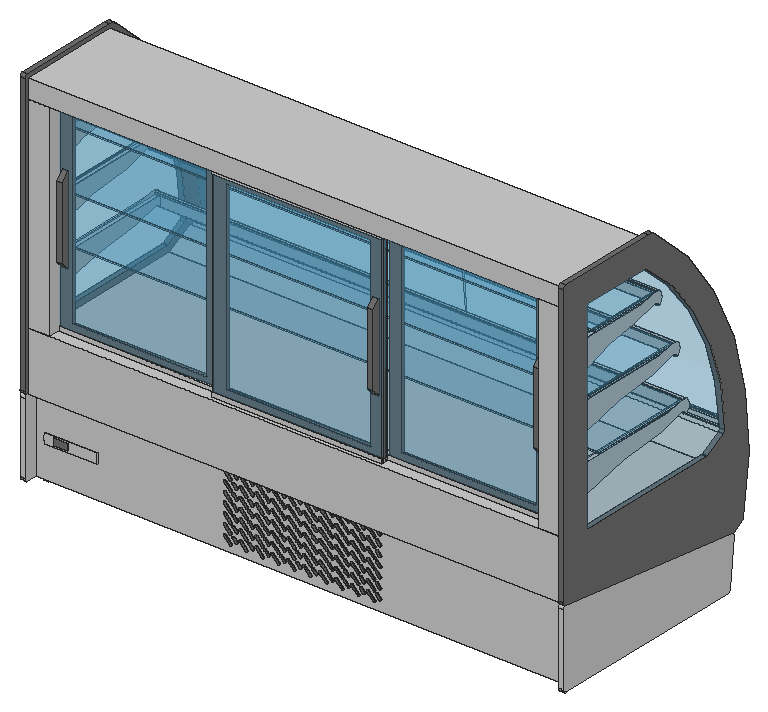
Revit family "QF_INFRICO_VBR18R_250814030451", category Specialty Equipment, Revit 2021
Family settings
  Round Connector Dimension = Use Diameter
  Part Type = Normal
  OmniClass Number = 23.40.40.14
  OmniClass Title = Food Service Equipment
  Work Plane-Based = No
  Always vertical = Yes
  Cut with Voids When Loaded = No
  Shared = No
  Room Calculation Point = No
Parameters (values of type "VBR18R")
  Weight [instance] = 0.00 kg
  Warranty Start Date [instance] = ""
  Warranty Duration [instance] = ""
  Volts [instance] = 230 V
  Volt Free Conn [instance] = no
  URL Recommended Spares List [instance] = ""
  URL Manufacturer [instance] = ""
  URL Cutsheet [instance] = ""
  URL Critical Spares List [instance] = ""
  URL = "www.infrico.com"
  Technical Documentation [instance] = ""
  Tag Number [instance] = ""
  Status [instance] = ""
  Start Up Current [instance] = 0 A
  Specification by User [instance] = ""
  Specification by Manufacturer [instance] = ""
  Sound Level [instance] = ""
  Show Logo [instance] = yes
  Show Clearances [instance] = yes
  Service Life Duration [instance] = ""
  Serial Number [instance] = ""
  Seismic Rating [instance] = ""
  SMACNA No [instance] = ""
  Revision Code [instance] = ""
  Revision [instance] = ""
  Production Year [instance] = ""
  Potential Equalisation [instance] = no
  Point Load [instance] = 0
  Phase [instance] = 1
  Other Equipment Approvals [instance] = ""
  Operational Current [instance] = 0 A
  Number of Poles [instance] = 2
  No Load Power Draw [instance] = no
  NAFEM Spec ID Number [instance] = ""
  Model Warning [instance] = ""
  Model = "VBR18R"
  Min Ckt Ampacity [instance] = 0 A
  Max Overcurrent Protection [instance] = 0 A
  Masterspec [instance] = ""
  Manufacturer = "INFRICO"
  Main switch integrated [instance] = no
  Length Actual [instance] = 1875.028 mm
  Item Number [instance] = ""
  Installed By [instance] = ""
  Installation Date [instance] = ""
  Identify Quantity as Lot [instance] = no
  ID [instance] = ""
  Hygiene Approval [instance] = ""
  Height Actual [instance] = 1299.972 mm
  HP power [instance] = ""
  Furnished By [instance] = ""
  Foodservice Equipment Identifier [instance] = no
  FL Amps [instance] = 0 A
  Electrical Remarks [instance] = ""
  Electric power [instance] = 1340 W
  Electric Connection Type [instance] = ""
  Elec Conn RI Height [instance] = 0 mm
  Elec Conn Connection Height [instance] = 0 mm
  ETL Approved [instance] = no
  Description = "AMBAR SERIES - PASTRY DISPLAY CASE - R452"
  Depth Actual [instance] = 810.006 mm
  Default Elevation = 0 mm
  Cycle [instance] = 50 Hz
  Cost = 0
  Connection to energy optimisation system [instance] = yes
  Conn Plug [instance] = ""
  Conn Conduit [instance] = no
  Centralized building control system with digital interface [instance] = ""
  CSI MasterFormat [instance] = ""
  CE Approved [instance] = no
  Barcode [instance] = 0
  Author [instance] = ""
  Asset Identifier [instance] = ""
  Apparent Power [instance] = 1340 VA
  Accessory [instance] = no
Reference planes
  plane 1 "Center (Front/Back)": y = 0
  plane 2: z = 0
  plane 3 "Center (Left/Right)": x = 0
Forms (mm)
  Extrusion 1, solid, not visible
    sketch origin (0, 0, 2) x (1, 0, 0) y (0, 1, 0)
      loop
        line (-2, 2) -> (-2, -2) -> (2, -2) -> (2, 2) -> (-2, 2)
    from -2 to 2
Dimensions and locks
  locked: nested 2 to Extrusion 1 at 2  (x2)
  aligned and locked: level to plane 2
Nested families
  nested 1: "QF_INFRICO_VBR18R_2920" at (0, 0, 0), type "VBR18R"
    with Weight 0.00 kg, Warranty Start Date "", Warranty Duration "", URL Cutsheet "", Technical Documentation "", Tag Number "", Status "", Specification by User "", Specification by Manufacturer "", Sound Level "", Solid Fuel Type "", Show Logo yes, Show Clearances yes, Show Clearance yes, Service Life Duration "", Serial Number "", Seismic Rating "", SMACNA No "", Revision Code "", Revision "", Production Year "", Point Load 0, Other Equipment Approvals "", NAFEM Spec ID Number "", Model Warning "", Masterspec "", Length Actual 1875.028 mm, Item Number "", Installed By "", Installation Date "", Identify Quantity as Lot yes, ID "", Hygiene Approval "", Height Actual 1299.972 mm, Furnished By "", Foodservice Equipment Identifier yes, Finish none, ETL Approved yes, Depth Actual 810.006 mm, CSI MasterFormat "", CE Approved no, Barcode "", Author "", Asset Identifier "", Accessory no
  nested 2: "CONN_POINT_ELE_2D___Generic_Annotation" at (0, 0, 0), type "CONN_POINT_ELE_2D___Generic_Annotation"
    with Onboard connection annotation symbol visibility yes
Connectors
  electrical at (0, 0, 0), driven by "Apparent Power", driven by "Number of Poles", driven by "Volts"
    settings: on Extrusion 1, index 1, voltage 230 V, apparent load 0 VA, apparent load phase1 1340 VA, apparent load phase2 0 VA, apparent load phase3 0 VA, power factor 1, load classification "Other", number of poles 2, system type 31, power factor state 1, is connector primary yes, connector utility no, sub classification motor no, connector description "Electrical connection for VBR18R"
Definition of nested family "QF_INFRICO_VBR18R_2920"
  Parameters (values of type "VBR18R")
    Weight [instance] = 0.00 kg
    Warranty Start Date [instance] = ""
    Warranty Duration [instance] = ""
    URL Cutsheet [instance] = ""
    URL = "www.infrico.com"
    Technical Documentation [instance] = ""
    Tag Number [instance] = ""
    Status [instance] = ""
    Specification by User [instance] = ""
    Specification by Manufacturer [instance] = ""
    Sound Level [instance] = ""
    Solid Fuel Type [instance] = ""
    Show Logo [instance] = yes
    Show Clearances [instance] = yes
    Show Clearance [instance] = yes
    Service Life Duration [instance] = ""
    Serial Number [instance] = ""
    Seismic Rating [instance] = ""
    SMACNA No [instance] = ""
    Revision Code [instance] = ""
    Revision [instance] = ""
    Production Year [instance] = ""
    Point Load [instance] = 0
    Other Equipment Approvals [instance] = ""
    NAFEM Spec ID Number [instance] = ""
    Model Warning [instance] = ""
    Model = "VBR18R"
    Masterspec [instance] = ""
    Manufacturer = "INFRICO"
    Length Actual [instance] = 0 mm
    Item Number [instance] = ""
    Installed By [instance] = ""
    Installation Date [instance] = ""
    Identify Quantity as Lot [instance] = yes
    ID [instance] = ""
    Hygiene Approval [instance] = ""
    Height Actual [instance] = 0 mm
    Furnished By [instance] = ""
    Foodservice Equipment Identifier [instance] = yes
    Finish [instance] = none
    ETL Approved [instance] = yes
    Description = "AMBAR SERIES - PASTRY DISPLAY CASE - R452"
    Depth Actual [instance] = 0 mm
    Default Elevation = 0 mm
    CSI MasterFormat [instance] = ""
    CE Approved [instance] = yes
    Barcode [instance] = ""
    Author [instance] = ""
    Asset Identifier [instance] = ""
    Assembly Code = "E1090320"
    Accessory [instance] = yes
  Reference planes
    plane 1 "Back": y = 0
    plane 2: z = 0
    plane 3 "Left": x = 0
    plane 4 "Right": x = 1875
    plane 5 "Front": y = -810
    plane 6 "Top": z = 1300
  Forms (mm)
    Extrusion 1, solid
      sketch origin (-18, -810.003, 0) x (0, -1, 0) y (0, 0, -1)
        loop
          line (-100, -1190) -> (-100, -498)
          arc (-100, -498) -> (-102.929, -490.929) -> (-110, -488) r 10
          line (-110, -488) -> (-627, -488)
          arc (-627, -488) -> (-629.55, -488.252) -> (-632, -489) r 13
          line (-632, -489) -> (-702, -529)
          arc (-702, -529) -> (-705.756, -532.802) -> (-707, -538) r 9.937
          arc (-707, -538) -> (-606.573, -907.925) -> (-356, -1198) r 864.001
          arc (-356, -1198) -> (-353.158, -1199.473) -> (-350, -1200) r 10.273
          line (-350, -1200) -> (-110, -1200)
          arc (-110, -1200) -> (-102.929, -1197.071) -> (-100, -1190) r 10
      from 0 to 18
    Extrusion 2, solid
      sketch origin (-18, -810.003, 0) x (0, -1, 0) y (0, 0, -1)
        loop
          arc (-110, -1200) -> (-102.929, -1197.071) -> (-100, -1190) r 10
          line (-100, -1190) -> (-100, -498)
          arc (-100, -498) -> (-102.929, -490.929) -> (-110, -488) r 10
          line (-110, -488) -> (-627, -488)
          arc (-627, -488) -> (-629.55, -488.252) -> (-632, -489) r 13
          line (-632, -489) -> (-702, -529)
          arc (-702, -529) -> (-705.756, -532.802) -> (-707, -538) r 9.937
          arc (-707, -538) -> (-606.573, -907.925) -> (-356, -1198) r 864.001
          arc (-356, -1198) -> (-353.158, -1199.473) -> (-350, -1200) r 10.273
          line (-350, -1200) -> (-110, -1200)
        loop
          arc (-739, -197) -> (-742.074, -197.055) -> (-745, -198) r 10.476
          line (-745, -198) -> (-782, -219)
          arc (-782, -219) -> (-785.127, -222.608) -> (-787, -227) r 15.422
          arc (-787, -227) -> (-745, -815.202) -> (-398, -1292) r 1070.947
          arc (-398, -1292) -> (-385.08, -1297.958) -> (-371, -1300) r 49.563
          line (-371, -1300) -> (-10, -1300)
          arc (-10, -1300) -> (-2.929, -1297.071) -> (0, -1290) r 10
          line (0, -1290) -> (0, -302)
          arc (0, -302) -> (-2.651, -295.335) -> (-9, -292) r 10.337
          line (-9, -292) -> (-739, -197)
      from 0 to 18
    Extrusion 3, solid
      sketch origin (1875, -810.003, 0) x (0, -1, 0) y (0, 0, -1)
        loop
          line (-100, -1190) -> (-100, -498)
          arc (-100, -498) -> (-102.929, -490.929) -> (-110, -488) r 10
          line (-110, -488) -> (-627, -488)
          arc (-627, -488) -> (-629.55, -488.252) -> (-632, -489) r 13
          line (-632, -489) -> (-702, -529)
          arc (-702, -529) -> (-705.756, -532.802) -> (-707, -538) r 9.937
          arc (-707, -538) -> (-606.573, -907.925) -> (-356, -1198) r 864.001
          arc (-356, -1198) -> (-353.158, -1199.473) -> (-350, -1200) r 10.273
          line (-350, -1200) -> (-110, -1200)
          arc (-110, -1200) -> (-102.929, -1197.071) -> (-100, -1190) r 10
      from 0 to 18
    Extrusion 4, solid
      sketch origin (1875, -810.003, 0) x (0, -1, 0) y (0, 0, -1)
        loop
          arc (-110, -1200) -> (-102.929, -1197.071) -> (-100, -1190) r 10
          line (-100, -1190) -> (-100, -498)
          arc (-100, -498) -> (-102.929, -490.929) -> (-110, -488) r 10
          line (-110, -488) -> (-627, -488)
          arc (-627, -488) -> (-629.55, -488.252) -> (-632, -489) r 13
          line (-632, -489) -> (-702, -529)
          arc (-702, -529) -> (-705.756, -532.802) -> (-707, -538) r 9.937
          arc (-707, -538) -> (-606.573, -907.925) -> (-356, -1198) r 864.001
          arc (-356, -1198) -> (-353.158, -1199.473) -> (-350, -1200) r 10.273
          line (-350, -1200) -> (-110, -1200)
        loop
          arc (-739, -197) -> (-742.074, -197.055) -> (-745, -198) r 10.476
          line (-745, -198) -> (-782, -219)
          arc (-782, -219) -> (-785.127, -222.608) -> (-787, -227) r 15.422
          arc (-787, -227) -> (-745, -815.202) -> (-398, -1292) r 1070.947
          arc (-398, -1292) -> (-385.08, -1297.958) -> (-371, -1300) r 49.563
          line (-371, -1300) -> (-10, -1300)
          arc (-10, -1300) -> (-2.929, -1297.071) -> (0, -1290) r 10
          line (0, -1290) -> (0, -302)
          arc (0, -302) -> (-2.651, -295.335) -> (-9, -292) r 10.337
          line (-9, -292) -> (-739, -197)
      from 0 to 18
    Extrusion 5, solid, material <- "Finish"
      sketch origin (0, -810.003, -1) x (0, -1, 0) y (0, 0, -1)
        loop
          line (-739, -198) -> (-9, -293)
          arc (-9, -293) -> (-2.391, -289.898) -> (0, -283) r 9.392
          line (0, -283) -> (0, -29)
          arc (0, -29) -> (-2.929, -21.929) -> (-10, -19) r 10
          line (-10, -19) -> (-718, -19)
          arc (-718, -19) -> (-725.332, -22.2) -> (-727.972, -29.752) r 10
          line (-727.972, -29.752) -> (-746, -188)
          arc (-746, -188) -> (-744.394, -194.326) -> (-739, -198) r 9.212
      from -18 to 0
    Extrusion 6, solid, material <- "Finish"
      sketch origin (1893, -810.003, -1) x (0, -1, 0) y (0, 0, -1)
        loop
          line (-739, -198) -> (-9, -293)
          arc (-9, -293) -> (-2.391, -289.898) -> (0, -283) r 9.392
          line (0, -283) -> (0, -29)
          arc (0, -29) -> (-2.929, -21.929) -> (-10, -19) r 10
          line (-10, -19) -> (-718, -19)
          arc (-718, -19) -> (-725.332, -22.2) -> (-727.972, -29.752) r 10
          line (-727.972, -29.752) -> (-746, -188)
          arc (-746, -188) -> (-744.394, -194.326) -> (-739, -198) r 9.212
      from -18 to 0
    Extrusion 7, solid
      sketch origin (0, -750.003, 9) x (1, 0, 0) y (0, 1, 0)
        loop
          line (0, -0.02) -> (40, -0.02) -> (40, 39.98) -> (0, 39.98) -> (0, -0.02)
      from 0 to 9
    Extrusion 8, solid
      sketch origin (0, -170.003, 9) x (1, 0, 0) y (0, 1, 0)
        loop
          line (0, -0.02) -> (40, -0.02) -> (40, 39.98) -> (0, 39.98) -> (0, -0.02)
      from 0 to 9
    Extrusion 9, solid
      sketch origin (-898.549, 112.977, 0) x (-1, 0, 0) y (0, -1, 0)
        loop
          line (-903.549, 843) -> (-911.049, 855.99) -> (-926.049, 855.99) -> (-933.549, 843) -> (-926.049, 830.01) -> (-911.049, 830.01) -> (-903.549, 843)
      from 0 to 9
    Extrusion 10, solid
      sketch origin (-898.549, 692.977, 0) x (-1, 0, 0) y (0, -1, 0)
        loop
          line (-903.549, 843) -> (-911.049, 855.99) -> (-926.049, 855.99) -> (-933.549, 843) -> (-926.049, 830.01) -> (-911.049, 830.01) -> (-903.549, 843)
      from 0 to 9
    Extrusion 11, solid
      sketch origin (1835, -750.003, 9) x (1, 0, 0) y (0, 1, 0)
        loop
          line (0, -0.02) -> (40, -0.02) -> (40, 39.98) -> (0, 39.98) -> (0, -0.02)
      from 0 to 9
    Extrusion 12, solid
      sketch origin (1835, -170.003, 9) x (1, 0, 0) y (0, 1, 0)
        loop
          line (0, -0.02) -> (40, -0.02) -> (40, 39.98) -> (0, 39.98) -> (0, -0.02)
      from 0 to 9
    Extrusion 13, solid
      sketch origin (936.451, 112.977, 0) x (-1, 0, 0) y (0, -1, 0)
        loop
          line (-903.549, 843) -> (-911.049, 855.99) -> (-926.049, 855.99) -> (-933.549, 843) -> (-926.049, 830.01) -> (-911.049, 830.01) -> (-903.549, 843)
      from 0 to 9
    Extrusion 14, solid
      sketch origin (936.451, 692.977, 0) x (-1, 0, 0) y (0, -1, 0)
        loop
          line (-903.549, 843) -> (-911.049, 855.99) -> (-926.049, 855.99) -> (-933.549, 843) -> (-926.049, 830.01) -> (-911.049, 830.01) -> (-903.549, 843)
      from 0 to 9
    Extrusion 15, solid
      sketch origin (0, -810.003, 0) x (0, -1, 0) y (0, 0, -1)
        loop
          line (-59.98, -18) -> (-679.98, -18) -> (-679.98, -293) -> (-59.98, -293) -> (-59.98, -18)
      from 0 to 40
    Extrusion 16, solid
      sketch origin (1835, -810.003, 0) x (0, -1, 0) y (0, 0, -1)
        loop
          line (-59.98, -18) -> (-679.98, -18) -> (-679.98, -293) -> (-59.98, -293) -> (-59.98, -18)
      from 0 to 40
    Extrusion 17, solid
      sketch origin (0, -810.003, 0) x (0, -1, 0) y (0, 0, -1)
        loop
          line (-59.98, -18) -> (-59.98, -293) -> (-44.98, -293) -> (-44.98, -18) -> (-59.98, -18)
      from 0 to 1875
    Extrusion 18, solid
      sketch origin (0, -810.003, 0) x (0, -1, 0) y (0, 0, -1)
        loop
          line (-679.98, -278) -> (-679.98, -38) -> (-719.98, -38) -> (-719.98, -278) -> (-679.98, -278)
      from 0 to 40
    Extrusion 19, solid
      sketch origin (1835, -810.003, 0) x (0, -1, 0) y (0, 0, -1)
        loop
          line (-679.98, -278) -> (-679.98, -38) -> (-719.98, -38) -> (-719.98, -278) -> (-679.98, -278)
      from 0 to 40
    Extrusion 20, solid
      sketch origin (0, -810.003, 0) x (0, -1, 0) y (0, 0, -1)
        loop
          line (-9.98, -293) -> (-759.98, -293) -> (-759.98, -471) -> (-747.98, -471) -> (-747.98, -448) -> (-70.98, -448) -> (-70.98, -502) -> (-9.98, -502) -> (-9.98, -293)
      from 0 to 1875
    Extrusion 21, solid
      sketch origin (0, -810.003, 0) x (0, -1, 0) y (0, 0, -1)
        loop
          line (-747.98, -471) -> (-741.98, -471) -> (-741.98, -515) -> (-719.98, -515) -> (-628.98, -468) -> (-628.98, -448) -> (-630.98, -448) -> (-630.98, -466.782) -> (-720.466, -513) -> (-739.98, -513) -> (-739.98, -469) -> (-747.98, -469) -> (-747.98, -471)
      from 0 to 1875
    Extrusion 22, solid
      sketch origin (0, -810.003, 0) x (0, -1, 0) y (0, 0, -1)
        loop
          line (-626.98, -448) -> (-626.98, -469) -> (-121.98, -469) -> (-121.98, -448) -> (-626.98, -448)
      from 0 to 1875
    Extrusion 23, solid
      sketch origin (0, -810.003, 0) x (0, -1, 0) y (0, 0, -1)
        loop
          line (-110.98, -448) -> (-110.98, -1222) -> (-70.98, -1222) -> (-70.98, -448) -> (-110.98, -448)
      from 0 to 50
    Extrusion 24, solid
      sketch origin (1825, -810.003, 0) x (0, -1, 0) y (0, 0, -1)
        loop
          line (-110.98, -448) -> (-110.98, -1222) -> (-70.98, -1222) -> (-70.98, -448) -> (-110.98, -448)
      from 0 to 50
    Extrusion 25, solid
      sketch origin (0, -810.003, 0) x (0, -1, 0) y (0, 0, -1)
        loop
          line (-9.98, -502) -> (-70.98, -502) -> (-70.98, -1222) -> (-9.98, -1222) -> (-9.98, -502)
      from 0 to 78
    Extrusion 26, solid
      sketch origin (1797, -810.003, 0) x (0, -1, 0) y (0, 0, -1)
        loop
          line (-9.98, -502) -> (-70.98, -502) -> (-70.98, -1222) -> (-9.98, -1222) -> (-9.98, -502)
      from 0 to 78
    Extrusion 27, solid
      sketch origin (0, -810.003, 0) x (0, -1, 0) y (0, 0, -1)
        loop
          line (-9.98, -1288) -> (-9.98, -1222) -> (-288.98, -1222) -> (-288.98, -1276) -> (-353.98, -1276) -> (-353.98, -1260.029) -> (-372.98, -1241.029) -> (-372.98, -1229) -> (-354.98, -1229) -> (-354.98, -1217) -> (-384.98, -1217) -> (-384.98, -1246) -> (-365.98, -1265) -> (-365.98, -1288) -> (-9.98, -1288)
      from 0 to 1875
    Extrusion 28, solid
      sketch origin (0, -810.003, 0) x (0, -1, 0) y (0, 0, -1)
        loop
          line (-741.98, -481) -> (-754.98, -481)
          arc (-754.98, -481) -> (-757.566, -481.786) -> (-759.98, -483) r 15.809
          line (-759.98, -483) -> (-772.98, -491) -> (-778.98, -491) -> (-778.98, -524) -> (-772.98, -524) -> (-772.98, -505) -> (-766.98, -505) -> (-766.98, -524) -> (-759.98, -524) -> (-756.98, -497) -> (-749.98, -497) -> (-749.98, -515) -> (-741.98, -515) -> (-741.98, -481)
      from 0 to 937.5
    Extrusion 29, solid
      sketch origin (0, -810.003, 0) x (0, -1, 0) y (0, 0, -1)
        loop
          arc (-374.98, -1256) -> (-665.209, -929.649) -> (-766.979, -504.936) r 897.239
          line (-766.979, -504.936) -> (-772.979, -504.936)
          arc (-772.979, -504.936) -> (-670.513, -932.453) -> (-378.358, -1260.959) r 903.239
          line (-378.358, -1260.959) -> (-374.98, -1256)
      from 0 to 937.5
    Extrusion 30, solid
      sketch origin (747, -705.936, 48.526) x (0, -1, 0) y (0, 0, -1)
        loop
          line (80.087, -1157.474) -> (80.087, -1163.474) -> (62.087, -1163.474) -> (62.087, -1157.474) -> (59.087, -1157.474) -> (59.087, -1173.474) -> (62.087, -1173.474) -> (62.087, -1166.474) -> (68.087, -1166.474) -> (68.087, -1173.474) -> (74.087, -1173.474) -> (74.087, -1166.474) -> (80.087, -1166.474) -> (80.087, -1173.474) -> (83.087, -1173.474) -> (83.087, -1157.474) -> (80.087, -1157.474)
      from -107 to 488
    Extrusion 31, solid
      sketch origin (747, -705.936, 48.526) x (0, -1, 0) y (0, 0, -1)
        loop
          line (80.087, -1163.474) -> (80.087, -463.474) -> (75.087, -463.474) -> (75.087, -1163.474) -> (80.087, -1163.474)
      from -107 to 488
    Extrusion 32, solid
      sketch origin (747, -692.936, 48.526) x (0, -1, 0) y (0, 0, -1)
        loop
          line (80.087, -1163.474) -> (80.087, -463.474) -> (75.087, -463.474) -> (75.087, -1163.474) -> (80.087, -1163.474)
      from -107 to 488
    Extrusion 33, solid
      sketch origin (1747, -705.936, 48.526) x (1, 0, 0) y (0, 0, -1)
        loop
          line (-1107, -1163.474) -> (-512, -1163.474) -> (-512, -463.474) -> (-1107, -463.474) -> (-1107, -1163.474)
        loop
          line (-557, -488.474) -> (-1062, -488.474) -> (-1062, -1138.474) -> (-557, -1138.474) -> (-557, -488.474)
      from -75.087 to -67.087
    Extrusion 34, solid
      sketch origin (78, -679.936, 48.526) x (0, -1, 0) y (0, 0, -1)
        loop
          line (80.087, -1157.474) -> (80.087, -1163.474) -> (62.087, -1163.474) -> (62.087, -1157.474) -> (59.087, -1157.474) -> (59.087, -1173.474) -> (62.087, -1173.474) -> (62.087, -1166.474) -> (68.087, -1166.474) -> (68.087, -1173.474) -> (74.087, -1173.474) -> (74.087, -1166.474) -> (80.087, -1166.474) -> (80.087, -1173.474) -> (83.087, -1173.474) -> (83.087, -1157.474) -> (80.087, -1157.474)
      from 0 to 562
    Extrusion 35, solid
      sketch origin (78, -679.936, 48.526) x (0, -1, 0) y (0, 0, -1)
        loop
          line (80.087, -1163.474) -> (80.087, -463.474) -> (75.087, -463.474) -> (75.087, -1163.474) -> (80.087, -1163.474)
      from 0 to 562
    Extrusion 36, solid
      sketch origin (78, -666.936, 48.526) x (0, -1, 0) y (0, 0, -1)
        loop
          line (80.087, -1163.474) -> (80.087, -463.474) -> (75.087, -463.474) -> (75.087, -1163.474) -> (80.087, -1163.474)
      from 0 to 562
    Extrusion 37, solid
      sketch origin (1078, -679.936, 48.526) x (1, 0, 0) y (0, 0, -1)
        loop
          line (-1000, -1163.474) -> (-438, -1163.474) -> (-438, -463.474) -> (-1000, -463.474) -> (-1000, -1163.474)
        loop
          line (-483, -488.474) -> (-955, -488.474) -> (-955, -1138.474) -> (-483, -1138.474) -> (-483, -488.474)
      from -75.087 to -67.087
    Extrusion 38, solid
      sketch origin (732, -705.936, 1675.474) x (0, -1, 0) y (0, 0, -1)
        loop
          line (80.087, 1157.474) -> (83.087, 1157.474) -> (83.087, 1173.474) -> (80.087, 1173.474) -> (80.087, 1166.474) -> (74.087, 1166.474) -> (74.087, 1173.474) -> (68.087, 1173.474) -> (68.087, 1166.474) -> (62.087, 1166.474) -> (62.087, 1173.474) -> (59.087, 1173.474) -> (59.087, 1157.474) -> (62.087, 1157.474) -> (62.087, 1163.474) -> (80.087, 1163.474) -> (80.087, 1157.474)
      from -92 to 503
    Extrusion 39, solid
      sketch origin (78, -679.936, 1675.474) x (0, -1, 0) y (0, 0, -1)
        loop
          line (80.087, 1157.474) -> (83.087, 1157.474) -> (83.087, 1173.474) -> (80.087, 1173.474) -> (80.087, 1166.474) -> (74.087, 1166.474) -> (74.087, 1173.474) -> (68.087, 1173.474) -> (68.087, 1166.474) -> (62.087, 1166.474) -> (62.087, 1173.474) -> (59.087, 1173.474) -> (59.087, 1157.474) -> (62.087, 1157.474) -> (62.087, 1163.474) -> (80.087, 1163.474) -> (80.087, 1157.474)
      from 0 to 562
    Extrusion 40, solid
      sketch origin (-510, -1507.887, 385.642) x (0, -0.939923, 0.341387) y (0, -0.341387, -0.939923)
        loop
          line (-1441.281, -155.749) -> (-1438.55, -163.269) -> (-1412.756, -181.562) -> (-1410.024, -189.081) -> (-1408.109, -188.385) -> (-1411.111, -180.118) -> (-1436.703, -162.496) -> (-1439.401, -155.067) -> (-1441.281, -155.749)
        loop
          line (-1423.188, -205.565) -> (-1420.457, -213.085) -> (-1394.662, -231.378) -> (-1391.931, -238.897) -> (-1390.015, -238.201) -> (-1393.018, -229.934) -> (-1418.61, -212.312) -> (-1421.308, -204.883) -> (-1423.188, -205.565)
        loop
          line (-1405.094, -255.381) -> (-1402.363, -262.901) -> (-1376.569, -281.194) -> (-1373.837, -288.713) -> (-1371.922, -288.017) -> (-1374.924, -279.75) -> (-1400.516, -262.128) -> (-1403.214, -254.698) -> (-1405.094, -255.381)
        loop
          line (-1387.001, -305.197) -> (-1384.27, -312.717) -> (-1358.475, -331.01) -> (-1355.744, -338.529) -> (-1353.828, -337.833) -> (-1356.831, -329.566) -> (-1382.423, -311.944) -> (-1385.121, -304.514) -> (-1387.001, -305.197)
      from 550 to 2345
    Extrusion 41, solid
      sketch origin (3, -810.003, 87) x (0, -1, 0) y (0, 0, -1)
        loop
          line (-110.98, -498) -> (-126.98, -498)
          arc (-126.98, -498) -> (-289.514, -532.928) -> (-454.98, -549) r 1448.355
          line (-454.98, -549) -> (-547.98, -574)
          arc (-547.98, -574) -> (-550.743, -573.659) -> (-552.98, -572) r 5.461
          line (-552.98, -572) -> (-560.98, -562)
          arc (-560.98, -562) -> (-563.98, -560.5) -> (-566.98, -562) r 3.75
          arc (-566.98, -562) -> (-573.98, -583) -> (-566.98, -604) r 35
          arc (-566.98, -604) -> (-565.216, -605.472) -> (-562.98, -606) r 5
          line (-562.98, -606) -> (-544.98, -606) -> (-487.98, -595) -> (-110.98, -595) -> (-110.98, -498)
      from 0 to 2
    Extrusion 42, solid
      sketch origin (3, -810.003, 283) x (0, -1, 0) y (0, 0, -1)
        loop
          line (-110.98, -498) -> (-126.98, -498)
          arc (-126.98, -498) -> (-269.288, -533.055) -> (-414.98, -549) r 1106.867
          line (-414.98, -549) -> (-507.98, -574)
          arc (-507.98, -574) -> (-510.743, -573.659) -> (-512.98, -572) r 5.461
          line (-512.98, -572) -> (-520.98, -562)
          arc (-520.98, -562) -> (-523.98, -560.5) -> (-526.98, -562) r 3.75
          arc (-526.98, -562) -> (-533.98, -583) -> (-526.98, -604) r 35
          arc (-526.98, -604) -> (-525.216, -605.472) -> (-522.98, -606) r 5
          line (-522.98, -606) -> (-504.98, -606) -> (-447.98, -595) -> (-110.98, -595) -> (-110.98, -498)
      from 0 to 2
    Extrusion 43, solid
      sketch origin (3, -810.003, 479) x (0, -1, 0) y (0, 0, -1)
        loop
          line (-110.98, -498) -> (-126.98, -498)
          arc (-126.98, -498) -> (-228.381, -534.099) -> (-334.98, -549) r 530.828
          line (-334.98, -549) -> (-427.98, -574)
          arc (-427.98, -574) -> (-430.743, -573.659) -> (-432.98, -572) r 5.461
          line (-432.98, -572) -> (-440.98, -562)
          arc (-440.98, -562) -> (-443.98, -560.5) -> (-446.98, -562) r 3.75
          arc (-446.98, -562) -> (-453.98, -583) -> (-446.98, -604) r 35
          arc (-446.98, -604) -> (-445.216, -605.472) -> (-442.98, -606) r 5
          line (-442.98, -606) -> (-424.98, -606) -> (-367.98, -595) -> (-110.98, -595) -> (-110.98, -498)
      from 0 to 2
    Extrusion 44, solid
      sketch origin (0, -810.003, 0) x (0, -1, 0) y (0, 0, -1)
        loop
          line (-183.98, -682) -> (-558.98, -682) -> (-558.98, -688) -> (-183.98, -688) -> (-183.98, -682)
      from 5 to 1870
    Extrusion 45, solid
      sketch origin (0, -850.003, 196) x (0, -1, 0) y (0, 0, -1)
        loop
          line (-183.98, -682) -> (-558.98, -682) -> (-558.98, -688) -> (-183.98, -688) -> (-183.98, -682)
      from 5 to 1870
    Extrusion 46, solid
      sketch origin (0, -830.003, 392) x (0, -1, 0) y (0, 0, -1)
        loop
          line (-183.98, -682) -> (-458.98, -682) -> (-458.98, -688) -> (-183.98, -688) -> (-183.98, -682)
      from 5 to 1870
    Extrusion 47, solid
      sketch origin (0, -810.003, 0) x (0, -1, 0) y (0, 0, -1)
        loop
          arc (-566.98, -691) -> (-565.216, -692.472) -> (-562.98, -693) r 5
          arc (-562.98, -693) -> (-561.498, -690.693) -> (-560.98, -688) r 7.25
          line (-560.98, -688) -> (-560.98, -649)
          arc (-560.98, -649) -> (-563.98, -647.5) -> (-566.98, -649) r 3.75
          arc (-566.98, -649) -> (-573.98, -670) -> (-566.98, -691) r 35
      from 5 to 1870
    Extrusion 48, solid
      sketch origin (0, -850.003, 196) x (0, -1, 0) y (0, 0, -1)
        loop
          arc (-566.98, -691) -> (-565.216, -692.472) -> (-562.98, -693) r 5
          arc (-562.98, -693) -> (-561.498, -690.693) -> (-560.98, -688) r 7.25
          line (-560.98, -688) -> (-560.98, -649)
          arc (-560.98, -649) -> (-563.98, -647.5) -> (-566.98, -649) r 3.75
          arc (-566.98, -649) -> (-573.98, -670) -> (-566.98, -691) r 35
      from 5 to 1870
    Extrusion 49, solid
      sketch origin (0, -930.003, 392) x (0, -1, 0) y (0, 0, -1)
        loop
          arc (-566.98, -691) -> (-565.216, -692.472) -> (-562.98, -693) r 5
          arc (-562.98, -693) -> (-561.498, -690.693) -> (-560.98, -688) r 7.25
          line (-560.98, -688) -> (-560.98, -649)
          arc (-560.98, -649) -> (-563.98, -647.5) -> (-566.98, -649) r 3.75
          arc (-566.98, -649) -> (-573.98, -670) -> (-566.98, -691) r 35
      from 5 to 1870
    Extrusion 50, solid
      sketch origin (21, -810.003, 479) x (0, -1, 0) y (0, 0, -1)
        loop
          line (-110.98, -498) -> (-126.98, -498)
          arc (-126.98, -498) -> (-228.381, -534.099) -> (-334.98, -549) r 530.828
          line (-334.98, -549) -> (-427.98, -574)
          arc (-427.98, -574) -> (-430.743, -573.659) -> (-432.98, -572) r 5.461
          line (-432.98, -572) -> (-440.98, -562) -> (-440.98, -595) -> (-110.98, -595) -> (-110.98, -498)
      from 0 to 2
    Extrusion 51, solid
      sketch origin (0, -810.003, 0) x (0, -1, 0) y (0, 0, -1)
        loop
          line (-110.98, -1074) -> (-110.98, -1072) -> (-440.98, -1072) -> (-440.98, -1074) -> (-110.98, -1074)
      from 5 to 21
    Extrusion 52, solid
      sketch origin (21, -810.003, 283) x (0, -1, 0) y (0, 0, -1)
        loop
          line (-110.98, -498) -> (-126.98, -498)
          arc (-126.98, -498) -> (-269.288, -533.055) -> (-414.98, -549) r 1106.867
          line (-414.98, -549) -> (-507.98, -574)
          arc (-507.98, -574) -> (-510.743, -573.659) -> (-512.98, -572) r 5.461
          line (-512.98, -572) -> (-520.98, -562) -> (-520.98, -595) -> (-110.98, -595) -> (-110.98, -498)
      from 0 to 2
    Extrusion 53, solid
      sketch origin (0, -810.003, -196) x (0, -1, 0) y (0, 0, -1)
        loop
          line (-110.98, -1074) -> (-110.98, -1072) -> (-520.98, -1072) -> (-520.98, -1074) -> (-110.98, -1074)
      from 5 to 21
    Extrusion 54, solid
      sketch origin (21, -810.003, 87) x (0, -1, 0) y (0, 0, -1)
        loop
          line (-110.98, -498) -> (-126.98, -498)
          arc (-126.98, -498) -> (-289.514, -532.928) -> (-454.98, -549) r 1448.355
          line (-454.98, -549) -> (-547.98, -574)
          arc (-547.98, -574) -> (-550.743, -573.659) -> (-552.98, -572) r 5.461
          line (-552.98, -572) -> (-560.98, -562) -> (-560.98, -595) -> (-110.98, -595) -> (-110.98, -498)
      from 0 to 2
    Extrusion 55, solid
      sketch origin (0, -810.003, -392) x (0, -1, 0) y (0, 0, -1)
        loop
          line (-110.98, -1074) -> (-110.98, -1072) -> (-560.98, -1072) -> (-560.98, -1074) -> (-110.98, -1074)
      from 5 to 21
    Extrusion 56, solid
      sketch origin (1872, -810.003, 87) x (0, -1, 0) y (0, 0, 1)
        loop
          line (-110.98, 498) -> (-110.98, 595) -> (-487.98, 595) -> (-544.98, 606) -> (-562.98, 606)
          arc (-562.98, 606) -> (-565.216, 605.472) -> (-566.98, 604) r 5
          arc (-566.98, 604) -> (-573.98, 583) -> (-566.98, 562) r 35
          arc (-566.98, 562) -> (-563.98, 560.5) -> (-560.98, 562) r 3.75
          line (-560.98, 562) -> (-552.98, 572)
          arc (-552.98, 572) -> (-550.743, 573.659) -> (-547.98, 574) r 5.461
          line (-547.98, 574) -> (-454.98, 549)
          arc (-454.98, 549) -> (-289.514, 532.928) -> (-126.98, 498) r 1448.355
          line (-126.98, 498) -> (-110.98, 498)
      from 0 to 2
    Extrusion 57, solid
      sketch origin (1872, -810.003, 283) x (0, -1, 0) y (0, 0, 1)
        loop
          line (-110.98, 498) -> (-110.98, 595) -> (-447.98, 595) -> (-504.98, 606) -> (-522.98, 606)
          arc (-522.98, 606) -> (-525.216, 605.472) -> (-526.98, 604) r 5
          arc (-526.98, 604) -> (-533.98, 583) -> (-526.98, 562) r 35
          arc (-526.98, 562) -> (-523.98, 560.5) -> (-520.98, 562) r 3.75
          line (-520.98, 562) -> (-512.98, 572)
          arc (-512.98, 572) -> (-510.743, 573.659) -> (-507.98, 574) r 5.461
          line (-507.98, 574) -> (-414.98, 549)
          arc (-414.98, 549) -> (-269.288, 533.055) -> (-126.98, 498) r 1106.867
          line (-126.98, 498) -> (-110.98, 498)
      from 0 to 2
    Extrusion 58, solid
      sketch origin (1872, -810.003, 479) x (0, -1, 0) y (0, 0, 1)
        loop
          line (-110.98, 498) -> (-110.98, 595) -> (-367.98, 595) -> (-424.98, 606) -> (-442.98, 606)
          arc (-442.98, 606) -> (-445.216, 605.472) -> (-446.98, 604) r 5
          arc (-446.98, 604) -> (-453.98, 583) -> (-446.98, 562) r 35
          arc (-446.98, 562) -> (-443.98, 560.5) -> (-440.98, 562) r 3.75
          line (-440.98, 562) -> (-432.98, 572)
          arc (-432.98, 572) -> (-430.743, 573.659) -> (-427.98, 574) r 5.461
          line (-427.98, 574) -> (-334.98, 549)
          arc (-334.98, 549) -> (-228.381, 534.099) -> (-126.98, 498) r 530.828
          line (-126.98, 498) -> (-110.98, 498)
      from 0 to 2
    Extrusion 59, solid
      sketch origin (1854, -810.003, 479) x (0, -1, 0) y (0, 0, 1)
        loop
          line (-110.98, 498) -> (-110.98, 595) -> (-440.98, 595) -> (-440.98, 562) -> (-432.98, 572)
          arc (-432.98, 572) -> (-430.743, 573.659) -> (-427.98, 574) r 5.461
          line (-427.98, 574) -> (-334.98, 549)
          arc (-334.98, 549) -> (-228.381, 534.099) -> (-126.98, 498) r 530.828
          line (-126.98, 498) -> (-110.98, 498)
      from 0 to 2
    Extrusion 60, solid
      sketch origin (1875, -810.003, 0) x (0, -1, 0) y (0, 0, 1)
        loop
          line (-110.98, 1074) -> (-440.98, 1074) -> (-440.98, 1072) -> (-110.98, 1072) -> (-110.98, 1074)
      from 5 to 21
    Extrusion 61, solid
      sketch origin (1854, -810.003, 283) x (0, -1, 0) y (0, 0, 1)
        loop
          line (-110.98, 498) -> (-110.98, 595) -> (-520.98, 595) -> (-520.98, 562) -> (-512.98, 572)
          arc (-512.98, 572) -> (-510.743, 573.659) -> (-507.98, 574) r 5.461
          line (-507.98, 574) -> (-414.98, 549)
          arc (-414.98, 549) -> (-269.288, 533.055) -> (-126.98, 498) r 1106.867
          line (-126.98, 498) -> (-110.98, 498)
      from 0 to 2
    Extrusion 62, solid
      sketch origin (1875, -810.003, -196) x (0, -1, 0) y (0, 0, 1)
        loop
          line (-110.98, 1074) -> (-520.98, 1074) -> (-520.98, 1072) -> (-110.98, 1072) -> (-110.98, 1074)
      from 5 to 21
    Extrusion 63, solid
      sketch origin (1854, -810.003, 87) x (0, -1, 0) y (0, 0, 1)
        loop
          line (-110.98, 498) -> (-110.98, 595) -> (-560.98, 595) -> (-560.98, 562) -> (-552.98, 572)
          arc (-552.98, 572) -> (-550.743, 573.659) -> (-547.98, 574) r 5.461
          line (-547.98, 574) -> (-454.98, 549)
          arc (-454.98, 549) -> (-289.514, 532.928) -> (-126.98, 498) r 1448.355
          line (-126.98, 498) -> (-110.98, 498)
      from 0 to 2
    Extrusion 64, solid
      sketch origin (1875, -810.003, -392) x (0, -1, 0) y (0, 0, 1)
        loop
          line (-110.98, 1074) -> (-560.98, 1074) -> (-560.98, 1072) -> (-110.98, 1072) -> (-110.98, 1074)
      from 5 to 21
    Extrusion 65, solid
      sketch origin (0, -810.003, 0) x (0, -1, 0) y (0, 0, -1)
        loop
          line (-59.98, -18) -> (-99.98, -18) -> (-99.98, -38) -> (-59.98, -38) -> (-59.98, -18)
      from 40 to 1835
    Extrusion 66, solid
      sketch origin (0, -230.003, 0) x (0, -1, 0) y (0, 0, -1)
        loop
          line (-59.98, -18) -> (-99.98, -18) -> (-99.98, -38) -> (-59.98, -38) -> (-59.98, -18)
      from 40 to 1835
    Extrusion 67, solid, material <- "Finish"
      sketch origin (0, -810.003, 0) x (0, -1, 0) y (0, 0, -1)
        loop
          line (-769.98, -438) -> (-759.945, -218.229) -> (-778.925, -217.362) -> (-788.96, -437.133) -> (-769.98, -438)
      from 0 to 1875
    Extrusion 68, solid
      sketch origin (0, -810.003, 0) x (0, -1, 0) y (0, 0, -1)
        loop
          line (-747.98, -471) -> (-759.98, -471) -> (-789.173, -441.806) -> (-788.489, -426.822) -> (-790.487, -426.731) -> (-791.212, -442.597) -> (-760.808, -473) -> (-747.98, -473) -> (-747.98, -471)
      from 0 to 1875
    Extrusion 69, solid
      sketch origin (1955.876, -765.123, -1.698) x (-1, 0, 0) y (0, 0, 1)
        loop
          line (1272.976, 42.364) -> (1294.896, 64.284)
          arc (1294.896, 64.284) -> (1294.896, 70.648) -> (1288.532, 70.648) r 4.5
          line (1288.532, 70.648) -> (1266.612, 48.728)
          arc (1266.612, 48.728) -> (1266.612, 42.364) -> (1272.976, 42.364) r 4.5
        loop
          line (1252.219, 55.335) -> (1263.532, 66.648)
          arc (1263.532, 66.648) -> (1263.532, 73.012) -> (1257.168, 73.012) r 4.5
          line (1257.168, 73.012) -> (1245.855, 61.698)
          arc (1245.855, 61.698) -> (1245.855, 55.335) -> (1252.219, 55.335) r 4.5
        loop
          line (1272.976, 76.364) -> (1294.896, 98.284)
          arc (1294.896, 98.284) -> (1294.896, 104.648) -> (1288.532, 104.648) r 4.5
          line (1288.532, 104.648) -> (1266.612, 82.728)
          arc (1266.612, 82.728) -> (1266.612, 76.364) -> (1272.976, 76.364) r 4.5
        loop
          line (1252.219, 89.335) -> (1263.532, 100.648)
          arc (1263.532, 100.648) -> (1263.532, 107.012) -> (1257.168, 107.012) r 4.5
          line (1257.168, 107.012) -> (1245.855, 95.698)
          arc (1245.855, 95.698) -> (1245.855, 89.335) -> (1252.219, 89.335) r 4.5
        loop
          line (1272.976, 110.364) -> (1294.896, 132.284)
          arc (1294.896, 132.284) -> (1294.896, 138.648) -> (1288.532, 138.648) r 4.5
          line (1288.532, 138.648) -> (1266.612, 116.728)
          arc (1266.612, 116.728) -> (1266.612, 110.364) -> (1272.976, 110.364) r 4.5
        loop
          line (1252.219, 123.335) -> (1263.532, 134.648)
          arc (1263.532, 134.648) -> (1263.532, 141.012) -> (1257.168, 141.012) r 4.5
          line (1257.168, 141.012) -> (1245.855, 129.698)
          arc (1245.855, 129.698) -> (1245.855, 123.335) -> (1252.219, 123.335) r 4.5
        loop
          line (1272.976, 144.364) -> (1294.896, 166.284)
          arc (1294.896, 166.284) -> (1294.896, 172.648) -> (1288.532, 172.648) r 4.5
          line (1288.532, 172.648) -> (1266.612, 150.728)
          arc (1266.612, 150.728) -> (1266.612, 144.364) -> (1272.976, 144.364) r 4.5
        loop
          line (1252.219, 157.335) -> (1263.532, 168.648)
          arc (1263.532, 168.648) -> (1263.532, 175.012) -> (1257.168, 175.012) r 4.5
          line (1257.168, 175.012) -> (1245.855, 163.698)
          arc (1245.855, 163.698) -> (1245.855, 157.335) -> (1252.219, 157.335) r 4.5
        loop
          line (1272.976, 178.364) -> (1294.896, 200.284)
          arc (1294.896, 200.284) -> (1294.896, 206.648) -> (1288.532, 206.648) r 4.5
          line (1288.532, 206.648) -> (1266.612, 184.728)
          arc (1266.612, 184.728) -> (1266.612, 178.364) -> (1272.976, 178.364) r 4.5
        loop
          line (1252.219, 191.335) -> (1263.532, 202.648)
          arc (1263.532, 202.648) -> (1263.532, 209.012) -> (1257.168, 209.012) r 4.5
          line (1257.168, 209.012) -> (1245.855, 197.698)
          arc (1245.855, 197.698) -> (1245.855, 191.335) -> (1252.219, 191.335) r 4.5
        loop
          line (1272.976, 212.364) -> (1294.896, 234.284)
          arc (1294.896, 234.284) -> (1294.896, 240.648) -> (1288.532, 240.648) r 4.5
          line (1288.532, 240.648) -> (1266.612, 218.728)
          arc (1266.612, 218.728) -> (1266.612, 212.364) -> (1272.976, 212.364) r 4.5
        loop
          line (1252.219, 225.335) -> (1263.532, 236.648)
          arc (1263.532, 236.648) -> (1263.532, 243.012) -> (1257.168, 243.012) r 4.5
          line (1257.168, 243.012) -> (1245.855, 231.698)
          arc (1245.855, 231.698) -> (1245.855, 225.335) -> (1252.219, 225.335) r 4.5
        loop
          line (1272.976, 246.364) -> (1294.896, 268.284)
          arc (1294.896, 268.284) -> (1294.896, 274.648) -> (1288.532, 274.648) r 4.5
          line (1288.532, 274.648) -> (1266.612, 252.728)
          arc (1266.612, 252.728) -> (1266.612, 246.364) -> (1272.976, 246.364) r 4.5
        loop
          line (1252.219, 259.335) -> (1263.532, 270.648)
          arc (1263.532, 270.648) -> (1263.532, 277.012) -> (1257.168, 277.012) r 4.5
          line (1257.168, 277.012) -> (1245.855, 265.698)
          arc (1245.855, 265.698) -> (1245.855, 259.335) -> (1252.219, 259.335) r 4.5
        loop
          line (1216.976, 42.364) -> (1238.896, 64.284)
          arc (1238.896, 64.284) -> (1238.896, 70.648) -> (1232.532, 70.648) r 4.5
          line (1232.532, 70.648) -> (1210.612, 48.728)
          arc (1210.612, 48.728) -> (1210.612, 42.364) -> (1216.976, 42.364) r 4.5
        loop
          line (1196.219, 55.335) -> (1207.532, 66.648)
          arc (1207.532, 66.648) -> (1207.532, 73.012) -> (1201.168, 73.012) r 4.5
          line (1201.168, 73.012) -> (1189.855, 61.698)
          arc (1189.855, 61.698) -> (1189.855, 55.335) -> (1196.219, 55.335) r 4.5
        loop
          line (1216.976, 76.364) -> (1238.896, 98.284)
          arc (1238.896, 98.284) -> (1238.896, 104.648) -> (1232.532, 104.648) r 4.5
          line (1232.532, 104.648) -> (1210.612, 82.728)
          arc (1210.612, 82.728) -> (1210.612, 76.364) -> (1216.976, 76.364) r 4.5
        loop
          line (1196.219, 89.335) -> (1207.532, 100.648)
          arc (1207.532, 100.648) -> (1207.532, 107.012) -> (1201.168, 107.012) r 4.5
          line (1201.168, 107.012) -> (1189.855, 95.698)
          arc (1189.855, 95.698) -> (1189.855, 89.335) -> (1196.219, 89.335) r 4.5
        loop
          line (1216.976, 110.364) -> (1238.896, 132.284)
          arc (1238.896, 132.284) -> (1238.896, 138.648) -> (1232.532, 138.648) r 4.5
          line (1232.532, 138.648) -> (1210.612, 116.728)
          arc (1210.612, 116.728) -> (1210.612, 110.364) -> (1216.976, 110.364) r 4.5
        loop
          line (1196.219, 123.335) -> (1207.532, 134.648)
          arc (1207.532, 134.648) -> (1207.532, 141.012) -> (1201.168, 141.012) r 4.5
          line (1201.168, 141.012) -> (1189.855, 129.698)
          arc (1189.855, 129.698) -> (1189.855, 123.335) -> (1196.219, 123.335) r 4.5
        loop
          line (1216.976, 144.364) -> (1238.896, 166.284)
          arc (1238.896, 166.284) -> (1238.896, 172.648) -> (1232.532, 172.648) r 4.5
          line (1232.532, 172.648) -> (1210.612, 150.728)
          arc (1210.612, 150.728) -> (1210.612, 144.364) -> (1216.976, 144.364) r 4.5
        loop
          line (1196.219, 157.335) -> (1207.532, 168.648)
          arc (1207.532, 168.648) -> (1207.532, 175.012) -> (1201.168, 175.012) r 4.5
          line (1201.168, 175.012) -> (1189.855, 163.698)
          arc (1189.855, 163.698) -> (1189.855, 157.335) -> (1196.219, 157.335) r 4.5
        loop
          line (1216.976, 178.364) -> (1238.896, 200.284)
          arc (1238.896, 200.284) -> (1238.896, 206.648) -> (1232.532, 206.648) r 4.5
          line (1232.532, 206.648) -> (1210.612, 184.728)
          arc (1210.612, 184.728) -> (1210.612, 178.364) -> (1216.976, 178.364) r 4.5
        loop
          line (1196.219, 191.335) -> (1207.532, 202.648)
          arc (1207.532, 202.648) -> (1207.532, 209.012) -> (1201.168, 209.012) r 4.5
          line (1201.168, 209.012) -> (1189.855, 197.698)
          arc (1189.855, 197.698) -> (1189.855, 191.335) -> (1196.219, 191.335) r 4.5
        loop
          line (1216.976, 212.364) -> (1238.896, 234.284)
          arc (1238.896, 234.284) -> (1238.896, 240.648) -> (1232.532, 240.648) r 4.5
          line (1232.532, 240.648) -> (1210.612, 218.728)
          arc (1210.612, 218.728) -> (1210.612, 212.364) -> (1216.976, 212.364) r 4.5
        loop
          line (1196.219, 225.335) -> (1207.532, 236.648)
          arc (1207.532, 236.648) -> (1207.532, 243.012) -> (1201.168, 243.012) r 4.5
          line (1201.168, 243.012) -> (1189.855, 231.698)
          arc (1189.855, 231.698) -> (1189.855, 225.335) -> (1196.219, 225.335) r 4.5
        loop
          line (1216.976, 246.364) -> (1238.896, 268.284)
          arc (1238.896, 268.284) -> (1238.896, 274.648) -> (1232.532, 274.648) r 4.5
          line (1232.532, 274.648) -> (1210.612, 252.728)
          arc (1210.612, 252.728) -> (1210.612, 246.364) -> (1216.976, 246.364) r 4.5
        loop
          line (1196.219, 259.335) -> (1207.532, 270.648)
          arc (1207.532, 270.648) -> (1207.532, 277.012) -> (1201.168, 277.012) r 4.5
          line (1201.168, 277.012) -> (1189.855, 265.698)
          arc (1189.855, 265.698) -> (1189.855, 259.335) -> (1196.219, 259.335) r 4.5
        loop
          line (1160.976, 42.364) -> (1182.896, 64.284)
          arc (1182.896, 64.284) -> (1182.896, 70.648) -> (1176.532, 70.648) r 4.5
          line (1176.532, 70.648) -> (1154.612, 48.728)
          arc (1154.612, 48.728) -> (1154.612, 42.364) -> (1160.976, 42.364) r 4.5
        loop
          line (1140.219, 55.335) -> (1151.532, 66.648)
          arc (1151.532, 66.648) -> (1151.532, 73.012) -> (1145.168, 73.012) r 4.5
          line (1145.168, 73.012) -> (1133.855, 61.698)
          arc (1133.855, 61.698) -> (1133.855, 55.335) -> (1140.219, 55.335) r 4.5
        loop
          line (1160.976, 76.364) -> (1182.896, 98.284)
          arc (1182.896, 98.284) -> (1182.896, 104.648) -> (1176.532, 104.648) r 4.5
          line (1176.532, 104.648) -> (1154.612, 82.728)
          arc (1154.612, 82.728) -> (1154.612, 76.364) -> (1160.976, 76.364) r 4.5
        loop
          line (1140.219, 89.335) -> (1151.532, 100.648)
          arc (1151.532, 100.648) -> (1151.532, 107.012) -> (1145.168, 107.012) r 4.5
          line (1145.168, 107.012) -> (1133.855, 95.698)
          arc (1133.855, 95.698) -> (1133.855, 89.335) -> (1140.219, 89.335) r 4.5
        loop
          line (1160.976, 110.364) -> (1182.896, 132.284)
          arc (1182.896, 132.284) -> (1182.896, 138.648) -> (1176.532, 138.648) r 4.5
          line (1176.532, 138.648) -> (1154.612, 116.728)
          arc (1154.612, 116.728) -> (1154.612, 110.364) -> (1160.976, 110.364) r 4.5
        loop
          line (1140.219, 123.335) -> (1151.532, 134.648)
          arc (1151.532, 134.648) -> (1151.532, 141.012) -> (1145.168, 141.012) r 4.5
          line (1145.168, 141.012) -> (1133.855, 129.698)
          arc (1133.855, 129.698) -> (1133.855, 123.335) -> (1140.219, 123.335) r 4.5
        loop
          line (1160.976, 144.364) -> (1182.896, 166.284)
          arc (1182.896, 166.284) -> (1182.896, 172.648) -> (1176.532, 172.648) r 4.5
          line (1176.532, 172.648) -> (1154.612, 150.728)
          arc (1154.612, 150.728) -> (1154.612, 144.364) -> (1160.976, 144.364) r 4.5
        loop
          line (1140.219, 157.335) -> (1151.532, 168.648)
          arc (1151.532, 168.648) -> (1151.532, 175.012) -> (1145.168, 175.012) r 4.5
          line (1145.168, 175.012) -> (1133.855, 163.698)
          arc (1133.855, 163.698) -> (1133.855, 157.335) -> (1140.219, 157.335) r 4.5
        loop
          line (1160.976, 178.364) -> (1182.896, 200.284)
          arc (1182.896, 200.284) -> (1182.896, 206.648) -> (1176.532, 206.648) r 4.5
          line (1176.532, 206.648) -> (1154.612, 184.728)
          arc (1154.612, 184.728) -> (1154.612, 178.364) -> (1160.976, 178.364) r 4.5
        loop
          line (1140.219, 191.335) -> (1151.532, 202.648)
          arc (1151.532, 202.648) -> (1151.532, 209.012) -> (1145.168, 209.012) r 4.5
          line (1145.168, 209.012) -> (1133.855, 197.698)
          arc (1133.855, 197.698) -> (1133.855, 191.335) -> (1140.219, 191.335) r 4.5
        loop
          line (1160.976, 212.364) -> (1182.896, 234.284)
          arc (1182.896, 234.284) -> (1182.896, 240.648) -> (1176.532, 240.648) r 4.5
          line (1176.532, 240.648) -> (1154.612, 218.728)
          arc (1154.612, 218.728) -> (1154.612, 212.364) -> (1160.976, 212.364) r 4.5
        loop
          line (1140.219, 225.335) -> (1151.532, 236.648)
          arc (1151.532, 236.648) -> (1151.532, 243.012) -> (1145.168, 243.012) r 4.5
          line (1145.168, 243.012) -> (1133.855, 231.698)
          arc (1133.855, 231.698) -> (1133.855, 225.335) -> (1140.219, 225.335) r 4.5
        loop
          line (1160.976, 246.364) -> (1182.896, 268.284)
          arc (1182.896, 268.284) -> (1182.896, 274.648) -> (1176.532, 274.648) r 4.5
          line (1176.532, 274.648) -> (1154.612, 252.728)
          arc (1154.612, 252.728) -> (1154.612, 246.364) -> (1160.976, 246.364) r 4.5
        loop
          line (1140.219, 259.335) -> (1151.532, 270.648)
          arc (1151.532, 270.648) -> (1151.532, 277.012) -> (1145.168, 277.012) r 4.5
          line (1145.168, 277.012) -> (1133.855, 265.698)
          arc (1133.855, 265.698) -> (1133.855, 259.335) -> (1140.219, 259.335) r 4.5
        loop
          line (1104.976, 42.364) -> (1126.896, 64.284)
          arc (1126.896, 64.284) -> (1126.896, 70.648) -> (1120.532, 70.648) r 4.5
          line (1120.532, 70.648) -> (1098.612, 48.728)
          arc (1098.612, 48.728) -> (1098.612, 42.364) -> (1104.976, 42.364) r 4.5
        loop
          line (1084.219, 55.335) -> (1095.532, 66.648)
          arc (1095.532, 66.648) -> (1095.532, 73.012) -> (1089.168, 73.012) r 4.5
          line (1089.168, 73.012) -> (1077.855, 61.698)
          arc (1077.855, 61.698) -> (1077.855, 55.335) -> (1084.219, 55.335) r 4.5
        loop
          line (1104.976, 76.364) -> (1126.896, 98.284)
          arc (1126.896, 98.284) -> (1126.896, 104.648) -> (1120.532, 104.648) r 4.5
          line (1120.532, 104.648) -> (1098.612, 82.728)
          arc (1098.612, 82.728) -> (1098.612, 76.364) -> (1104.976, 76.364) r 4.5
        loop
          line (1084.219, 89.335) -> (1095.532, 100.648)
          arc (1095.532, 100.648) -> (1095.532, 107.012) -> (1089.168, 107.012) r 4.5
          line (1089.168, 107.012) -> (1077.855, 95.698)
          arc (1077.855, 95.698) -> (1077.855, 89.335) -> (1084.219, 89.335) r 4.5
        loop
          line (1104.976, 110.364) -> (1126.896, 132.284)
          arc (1126.896, 132.284) -> (1126.896, 138.648) -> (1120.532, 138.648) r 4.5
          line (1120.532, 138.648) -> (1098.612, 116.728)
          arc (1098.612, 116.728) -> (1098.612, 110.364) -> (1104.976, 110.364) r 4.5
        loop
          line (1084.219, 123.335) -> (1095.532, 134.648)
          arc (1095.532, 134.648) -> (1095.532, 141.012) -> (1089.168, 141.012) r 4.5
          line (1089.168, 141.012) -> (1077.855, 129.698)
          arc (1077.855, 129.698) -> (1077.855, 123.335) -> (1084.219, 123.335) r 4.5
        loop
          line (1104.976, 144.364) -> (1126.896, 166.284)
          arc (1126.896, 166.284) -> (1126.896, 172.648) -> (1120.532, 172.648) r 4.5
          line (1120.532, 172.648) -> (1098.612, 150.728)
          arc (1098.612, 150.728) -> (1098.612, 144.364) -> (1104.976, 144.364) r 4.5
        loop
          line (1084.219, 157.335) -> (1095.532, 168.648)
          arc (1095.532, 168.648) -> (1095.532, 175.012) -> (1089.168, 175.012) r 4.5
          line (1089.168, 175.012) -> (1077.855, 163.698)
          arc (1077.855, 163.698) -> (1077.855, 157.335) -> (1084.219, 157.335) r 4.5
        loop
          line (1104.976, 178.364) -> (1126.896, 200.284)
          arc (1126.896, 200.284) -> (1126.896, 206.648) -> (1120.532, 206.648) r 4.5
          line (1120.532, 206.648) -> (1098.612, 184.728)
          arc (1098.612, 184.728) -> (1098.612, 178.364) -> (1104.976, 178.364) r 4.5
        loop
          line (1084.219, 191.335) -> (1095.532, 202.648)
          arc (1095.532, 202.648) -> (1095.532, 209.012) -> (1089.168, 209.012) r 4.5
          line (1089.168, 209.012) -> (1077.855, 197.698)
          arc (1077.855, 197.698) -> (1077.855, 191.335) -> (1084.219, 191.335) r 4.5
        loop
          line (1104.976, 212.364) -> (1126.896, 234.284)
          arc (1126.896, 234.284) -> (1126.896, 240.648) -> (1120.532, 240.648) r 4.5
          line (1120.532, 240.648) -> (1098.612, 218.728)
          arc (1098.612, 218.728) -> (1098.612, 212.364) -> (1104.976, 212.364) r 4.5
        loop
          line (1084.219, 225.335) -> (1095.532, 236.648)
          arc (1095.532, 236.648) -> (1095.532, 243.012) -> (1089.168, 243.012) r 4.5
          line (1089.168, 243.012) -> (1077.855, 231.698)
          arc (1077.855, 231.698) -> (1077.855, 225.335) -> (1084.219, 225.335) r 4.5
        loop
          line (1104.976, 246.364) -> (1126.896, 268.284)
          arc (1126.896, 268.284) -> (1126.896, 274.648) -> (1120.532, 274.648) r 4.5
          line (1120.532, 274.648) -> (1098.612, 252.728)
          arc (1098.612, 252.728) -> (1098.612, 246.364) -> (1104.976, 246.364) r 4.5
        loop
          line (1084.219, 259.335) -> (1095.532, 270.648)
          arc (1095.532, 270.648) -> (1095.532, 277.012) -> (1089.168, 277.012) r 4.5
          line (1089.168, 277.012) -> (1077.855, 265.698)
          arc (1077.855, 265.698) -> (1077.855, 259.335) -> (1084.219, 259.335) r 4.5
        loop
          line (1048.976, 42.364) -> (1070.896, 64.284)
          arc (1070.896, 64.284) -> (1070.896, 70.648) -> (1064.532, 70.648) r 4.5
          line (1064.532, 70.648) -> (1042.612, 48.728)
          arc (1042.612, 48.728) -> (1042.612, 42.364) -> (1048.976, 42.364) r 4.5
        loop
          line (1028.219, 55.335) -> (1039.532, 66.648)
          arc (1039.532, 66.648) -> (1039.532, 73.012) -> (1033.168, 73.012) r 4.5
          line (1033.168, 73.012) -> (1021.855, 61.698)
          arc (1021.855, 61.698) -> (1021.855, 55.335) -> (1028.219, 55.335) r 4.5
        loop
          line (1048.976, 76.364) -> (1070.896, 98.284)
          arc (1070.896, 98.284) -> (1070.896, 104.648) -> (1064.532, 104.648) r 4.5
          line (1064.532, 104.648) -> (1042.612, 82.728)
          arc (1042.612, 82.728) -> (1042.612, 76.364) -> (1048.976, 76.364) r 4.5
        loop
          line (1028.219, 89.335) -> (1039.532, 100.648)
          arc (1039.532, 100.648) -> (1039.532, 107.012) -> (1033.168, 107.012) r 4.5
          line (1033.168, 107.012) -> (1021.855, 95.698)
          arc (1021.855, 95.698) -> (1021.855, 89.335) -> (1028.219, 89.335) r 4.5
        loop
          line (1048.976, 110.364) -> (1070.896, 132.284)
          arc (1070.896, 132.284) -> (1070.896, 138.648) -> (1064.532, 138.648) r 4.5
          line (1064.532, 138.648) -> (1042.612, 116.728)
          arc (1042.612, 116.728) -> (1042.612, 110.364) -> (1048.976, 110.364) r 4.5
        loop
          line (1028.219, 123.335) -> (1039.532, 134.648)
          arc (1039.532, 134.648) -> (1039.532, 141.012) -> (1033.168, 141.012) r 4.5
          line (1033.168, 141.012) -> (1021.855, 129.698)
          arc (1021.855, 129.698) -> (1021.855, 123.335) -> (1028.219, 123.335) r 4.5
        loop
          line (1048.976, 144.364) -> (1070.896, 166.284)
          arc (1070.896, 166.284) -> (1070.896, 172.648) -> (1064.532, 172.648) r 4.5
          line (1064.532, 172.648) -> (1042.612, 150.728)
          arc (1042.612, 150.728) -> (1042.612, 144.364) -> (1048.976, 144.364) r 4.5
        loop
          line (1028.219, 157.335) -> (1039.532, 168.648)
          arc (1039.532, 168.648) -> (1039.532, 175.012) -> (1033.168, 175.012) r 4.5
          line (1033.168, 175.012) -> (1021.855, 163.698)
          arc (1021.855, 163.698) -> (1021.855, 157.335) -> (1028.219, 157.335) r 4.5
        loop
          line (1048.976, 178.364) -> (1070.896, 200.284)
          arc (1070.896, 200.284) -> (1070.896, 206.648) -> (1064.532, 206.648) r 4.5
          line (1064.532, 206.648) -> (1042.612, 184.728)
          arc (1042.612, 184.728) -> (1042.612, 178.364) -> (1048.976, 178.364) r 4.5
        loop
          line (1028.219, 191.335) -> (1039.532, 202.648)
          arc (1039.532, 202.648) -> (1039.532, 209.012) -> (1033.168, 209.012) r 4.5
          line (1033.168, 209.012) -> (1021.855, 197.698)
          arc (1021.855, 197.698) -> (1021.855, 191.335) -> (1028.219, 191.335) r 4.5
        loop
          line (1048.976, 212.364) -> (1070.896, 234.284)
          arc (1070.896, 234.284) -> (1070.896, 240.648) -> (1064.532, 240.648) r 4.5
          line (1064.532, 240.648) -> (1042.612, 218.728)
          arc (1042.612, 218.728) -> (1042.612, 212.364) -> (1048.976, 212.364) r 4.5
        loop
          line (1028.219, 225.335) -> (1039.532, 236.648)
          arc (1039.532, 236.648) -> (1039.532, 243.012) -> (1033.168, 243.012) r 4.5
          line (1033.168, 243.012) -> (1021.855, 231.698)
          arc (1021.855, 231.698) -> (1021.855, 225.335) -> (1028.219, 225.335) r 4.5
        loop
          line (1048.976, 246.364) -> (1070.896, 268.284)
          arc (1070.896, 268.284) -> (1070.896, 274.648) -> (1064.532, 274.648) r 4.5
          line (1064.532, 274.648) -> (1042.612, 252.728)
          arc (1042.612, 252.728) -> (1042.612, 246.364) -> (1048.976, 246.364) r 4.5
        loop
          line (1028.219, 259.335) -> (1039.532, 270.648)
          arc (1039.532, 270.648) -> (1039.532, 277.012) -> (1033.168, 277.012) r 4.5
          line (1033.168, 277.012) -> (1021.855, 265.698)
          arc (1021.855, 265.698) -> (1021.855, 259.335) -> (1028.219, 259.335) r 4.5
        loop
          line (992.976, 42.364) -> (1014.896, 64.284)
          arc (1014.896, 64.284) -> (1014.896, 70.648) -> (1008.532, 70.648) r 4.5
          line (1008.532, 70.648) -> (986.612, 48.728)
          arc (986.612, 48.728) -> (986.612, 42.364) -> (992.976, 42.364) r 4.5
        loop
          line (972.219, 55.335) -> (983.532, 66.648)
          arc (983.532, 66.648) -> (983.532, 73.012) -> (977.168, 73.012) r 4.5
          line (977.168, 73.012) -> (965.855, 61.698)
          arc (965.855, 61.698) -> (965.855, 55.335) -> (972.219, 55.335) r 4.5
        loop
          line (992.976, 76.364) -> (1014.896, 98.284)
          arc (1014.896, 98.284) -> (1014.896, 104.648) -> (1008.532, 104.648) r 4.5
          line (1008.532, 104.648) -> (986.612, 82.728)
          arc (986.612, 82.728) -> (986.612, 76.364) -> (992.976, 76.364) r 4.5
        loop
          line (972.219, 89.335) -> (983.532, 100.648)
          arc (983.532, 100.648) -> (983.532, 107.012) -> (977.168, 107.012) r 4.5
          line (977.168, 107.012) -> (965.855, 95.698)
          arc (965.855, 95.698) -> (965.855, 89.335) -> (972.219, 89.335) r 4.5
        loop
          line (992.976, 110.364) -> (1014.896, 132.284)
          arc (1014.896, 132.284) -> (1014.896, 138.648) -> (1008.532, 138.648) r 4.5
          line (1008.532, 138.648) -> (986.612, 116.728)
          arc (986.612, 116.728) -> (986.612, 110.364) -> (992.976, 110.364) r 4.5
        loop
          line (972.219, 123.335) -> (983.532, 134.648)
          arc (983.532, 134.648) -> (983.532, 141.012) -> (977.168, 141.012) r 4.5
          line (977.168, 141.012) -> (965.855, 129.698)
          arc (965.855, 129.698) -> (965.855, 123.335) -> (972.219, 123.335) r 4.5
        loop
          line (992.976, 144.364) -> (1014.896, 166.284)
          arc (1014.896, 166.284) -> (1014.896, 172.648) -> (1008.532, 172.648) r 4.5
          line (1008.532, 172.648) -> (986.612, 150.728)
          arc (986.612, 150.728) -> (986.612, 144.364) -> (992.976, 144.364) r 4.5
        loop
          line (972.219, 157.335) -> (983.532, 168.648)
          arc (983.532, 168.648) -> (983.532, 175.012) -> (977.168, 175.012) r 4.5
          line (977.168, 175.012) -> (965.855, 163.698)
          arc (965.855, 163.698) -> (965.855, 157.335) -> (972.219, 157.335) r 4.5
        loop
          line (992.976, 178.364) -> (1014.896, 200.284)
          arc (1014.896, 200.284) -> (1014.896, 206.648) -> (1008.532, 206.648) r 4.5
          line (1008.532, 206.648) -> (986.612, 184.728)
          arc (986.612, 184.728) -> (986.612, 178.364) -> (992.976, 178.364) r 4.5
        loop
          line (972.219, 191.335) -> (983.532, 202.648)
